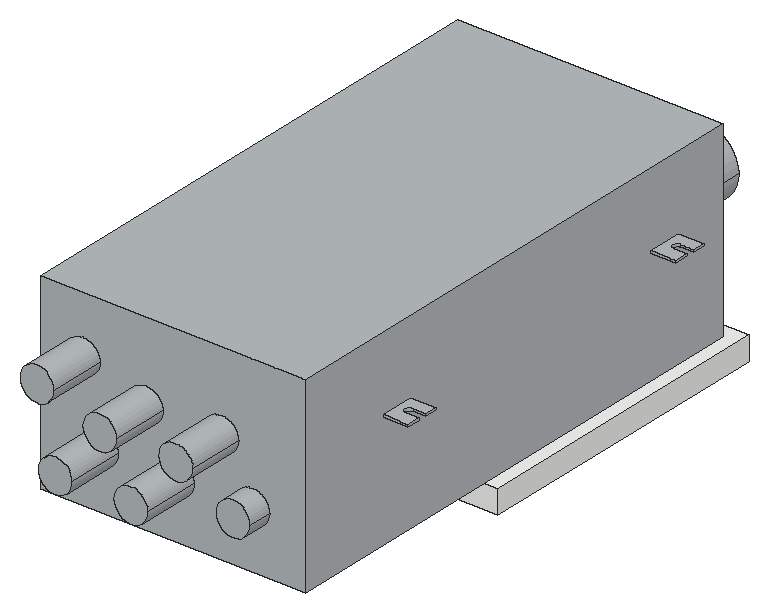
Revit family "vl-08_11zm(h)(v)2_60Hz", category 機械設備, Revit 2019
Family settings
  丸型コネクタ寸法 = 直径を使用
  パーツ タイプ = 標準
  OmniClass 番号 = 23.75.35.17.17.11
  OmniClass タイトル = Ceiling Fans
  作業面ベース = いいえ
  常に垂直 = はい
  ロード時にボイドで切り取り = いいえ
  共有 = いいえ
  部屋計算ポイント = はい
Parameters (values of type "VL-08ZF2")
  騒音レベル(dB(A)) [instance] = 25
  風量 [instance] = 設計風量  # 0.0 m³/h
  面風速 = 3.01 m/s
  電源種別 [instance] = ""
  電圧 = 100 V
  電動機出力 = 0 W
  電動機_種別 [instance] = ""
  集中コントローラ = ""
  運転質量 = 0.00 kg
  連動 [instance] = ""
  質量 = if(製品質量 > 運転質量, 製品質量, 運転質量) * 1.2  # 15.84 kg
  負荷分類 = 3_ファン類
  説明 = "ロスナイセントラル換気システム 天井カセット形"
  設計風量 [instance] = 0.0 m³/h
  設置方法 = "カセット形"
  記号 [instance] = ""
  製造元 = "三菱電機株式会社"
  製品質量 = 13.20 kg
  製品出荷対象 = "国内"
  製品リリース年月 = "2022/6/1"
  製品グループ = ""
  系統 [instance] = ""
  符号 [instance] = if(☑給気／□排気, "FS", "FE")  # "FE"
  積算_科目 = "1 空気調和設備"
  積算_拾い区分 [instance] = ""
  相 = 1
  盤記号 [instance] = ""
  発停方法 [instance] = ""
  特殊仕様 [instance] = ""
  火災停止 [instance] = ""
  温度交換効率 = 73.00%
  消費電力 = 39.5 W
  法定耐用年数 = "15"
  機外静圧_排気 = 13.0 Pa
  機外静圧 [instance] = 40.0 Pa
  極数 = 2
  材質 [instance] = ""
  操作・制御方式 = ""
  操作・制御スイッチ = ""
  排気量 [instance] = if(☑給気／□排気, 0.0 m³/h, 設計風量)  # 0.0 m³/h
  形式 = "カセット形"
  幹線記号 [instance] = ""
  対象室 [instance] = ""
  実風量 [instance] = 0.0 m³/h
  始動方式 [instance] = "直入"
  天吊金具ピッチ3 = 272 mm
  天吊金具ピッチ2 = 215 mm
  天吊金具ピッチ1 = 423 mm
  天吊金具_高さ = 168 mm
  天吊金具_径 = 13 mm
  天吊金具_幅 = 460 mm
  外気量 [instance] = if(☑給気／□排気, 設計風量, 0.0 m³/h)  # 0.0 m³/h
  呼称 = "全熱交換ユニット"
  周波数 = 60 Hz
  参照している仕様書等のバージョン = ""
  初期抵抗 = 0.0 Pa
  分類コード = "50052504100070"
  分類グループ = ""
  価格 = 92400
  企業コード = "108420"
  付属品_防振装置 = ""
  付属品_フィルター_還気 = ""
  付属品_フィルター = ""
  付属品 [instance] = ""
  仕様書バージョン = "Version1.0"
  モデル = "VL-08ZF2"
  マテリアル = 溶融亜鉛めっき鋼板
  ファンの種類 = ""
  ダクト径2 = 100 mm
  ダクト径 = 50 mm
  コメント [instance] = ""
  Keynote = ""
  カバーマテリアル = 合成樹脂(白)
  エンタルピ交換効率_暖房 = 58.00%
  エンタルピ交換効率_冷房 = 49.00%
  Assembly Code = ""
  ☑給気／□排気 [instance] = no
  Width = 385 mm
  W1 = 425 mm
  Version = ""
  Uniclass2015Version = "Systems v1.9"
  Uniclass2015Title = "Thermal wheels"
  Uniclass2015Code = "Pr_60_60_36_88"
  URL = "https://www.mitsubishielectric.co.jp/ldg/wink/ssl/displayProduct.do?pid=320815"
  SpecificationReference = ""
  SpecificationDescription = ""
  SAサイズ_D = 49 mm
  Revision = ""
  RAサイズ_D = 49 mm
  ProductInformation = ""
  OmniClassCode = "23-27 23 19 11"
  OAサイズ_D = 98 mm
  MIN風量 = 55.0 m³/h
  MIN静圧 = 17.0 Pa
  MID風量 = 0.0 m³/h
  MID静圧 = 0.0 Pa
  MAX風量 = 85.0 m³/h
  MAX静圧 = 40.0 Pa
  IfcTypeProduct = ""
  IfcProduct = ""
  IfcExportType = "ROTARYWHEEL"
  IfcExportAs = "IfcAirToAirHeatRecoveryType"
  Height = 277 mm
  H1 = 34 mm
  EAサイズ_D = 98 mm
  Duct_SA_W3 = 5 mm
  Duct_SA_W2 = 65 mm
  Duct_SA_W1 = 45 mm
  Duct_SA_H1 = 79 mm
  Duct_SA_H2 = 84 mm
  Duct_RA_W = 61 mm
  Duct_SA_W4 = 110 mm
  Duct_RA_H = 194 mm
  Duct_OA_W = 35 mm
  Duct_OA_H = 108 mm
  Duct_EA_W = 115 mm
  Duct_EA_H = 174 mm
  Duct_Depth3 = 35 mm
  Duct_Depth2 = 63 mm
  Duct_Depth1 = 83 mm
  Depth = 758 mm
  D2 = 172 mm
  D1 = 455 mm
  Author = "三菱電機株式会社"
Types (5, lengths in mm): name | 騒音レベル(dB(A)) | 面風速 | 質量 | 製品質量 | 温度交換効率 | 消費電力 | 機外静圧_排気 | 機外静圧 | 価格 | モデル | エンタルピ交換効率_暖房 | エンタルピ交換効率_冷房 | URL | MIN風量 | MIN静圧 | MID風量 | MID静圧 | MAX風量 | MAX静圧
  VL-11ZFHV2 | 30 | 3.89 m/s | 14.76 kg | 12.30 kg | 80.00% | 27 W | 22.0 Pa | 68.0 Pa | 169000 | "VL-11ZFHV2" | 72.00% | 72.00% | "https://www.mitsubishielectric.co.jp/ldg/wink/ssl/displayProduct.do?pid=320823" | 70.0 m³/h | 27.0 Pa | 88.0 m³/h | 43.0 Pa | 110.0 m³/h | 68.0 Pa
  VL-11ZFH2 | 30 | 3.71 m/s | 15.84 kg | 13.20 kg | 78.00% | 62 W | 20.0 Pa | 68.0 Pa | 137300 | "VL-11ZFH2" | 70.00% | 70.00% | "https://www.mitsubishielectric.co.jp/ldg/wink/ssl/displayProduct.do?pid=320822" | 60.0 m³/h | 20.0 Pa | 0.0 m³/h | 0.0 Pa | 105.0 m³/h | 68.0 Pa
  VL-11ZF2 | 29 | 3.89 m/s | 15.84 kg | 13.20 kg | 65.00% | 57 W | 22.0 Pa | 68.0 Pa | 129400 | "VL-11ZF2" | 52.00% | 42.00% | "https://www.mitsubishielectric.co.jp/ldg/wink/ssl/displayProduct.do?pid=320821" | 60.0 m³/h | 20.0 Pa | 0.0 m³/h | 0.0 Pa | 110.0 m³/h | 68.0 Pa
  VL-08ZFH2 | 27 | 3.01 m/s | 15.84 kg | 13.20 kg | 86.00% | 45 W | 13.0 Pa | 40.0 Pa | 103000 | "VL-08ZFH2" | 78.00% | 78.00% | "https://www.mitsubishielectric.co.jp/ldg/wink/ssl/displayProduct.do?pid=320816" | 55.0 m³/h | 17.0 Pa | 0.0 m³/h | 0.0 Pa | 85.0 m³/h | 40.0 Pa
  VL-08ZF2 | 25 | 3.01 m/s | 15.84 kg | 13.20 kg | 73.00% | 39.5 W | 13.0 Pa | 40.0 Pa | 92400 | "VL-08ZF2" | 58.00% | 49.00% | "https://www.mitsubishielectric.co.jp/ldg/wink/ssl/displayProduct.do?pid=320815" | 55.0 m³/h | 17.0 Pa | 0.0 m³/h | 0.0 Pa | 85.0 m³/h | 40.0 Pa
Reference planes
  plane 1 "中心(正面/背面)": y = 0
  plane 2: z = 0
  plane 3 "中心(左/右)": x = 0
  plane 4: z = 277
  plane 5: z = -34
  plane 6: z = 25
  plane 7: y = 172
  plane 8: y = 399.5
  plane 9: y = -55.5
  plane 10: x = -212.5
  plane 11: x = 212.5
  plane 12: x = -192.5
  plane 13: x = 192.5
  plane 14: y = 379
  plane 15: y = -379
  plane 16: z = 84
  plane 17: z = 163
  plane 18: z = 194
  plane 19: x = -131.5
  plane 20: x = -105
  plane 21: x = -40
  plane 22: x = 70
  plane 23: x = 5
  plane 24: x = 115
  plane 25: y = -462
  plane 26: x = 115
  plane 27: x = -35
  plane 28: z = 108
  plane 29: z = 174
  plane 30: y = 442
  plane 31: x = 230
  plane 32: x = -230
  plane 33: y = -414
  plane 34: x = -211.5
  plane 35: x = 211.5
  plane 36: y = 272
  plane 37: y = -215
  plane 38: z = 171
  plane 39: z = 168
Forms (mm)
  Extrusion 1, solid, material "溶融亜鉛めっき鋼板" <- "マテリアル", detail levels fine
    sketch origin (0, 0, 0) x (1, 0, 0) y (0, 1, 0)
      loop
        line (-192.5, -379) -> (192.5, -379) -> (192.5, 379) -> (-192.5, 379) -> (-192.5, -379)
    from 0 to 277
  Extrusion 2, solid, material "合成樹脂(白)" <- "カバーマテリアル", detail levels fine
    sketch origin (0, 0, 0) x (1, 0, 0) y (0, 1, 0)
      loop
        line (-212.5, -55.5) -> (212.5, -55.5) -> (212.5, 399.5) -> (-212.5, 399.5) -> (-212.5, -55.5)
    from -34 to 0
  Extrusion 3, solid, material "溶融亜鉛めっき鋼板" <- "マテリアル", detail levels fine
    sketch origin (0, 0, 0) x (1, 0, 0) y (0, 0, 1)
      loop
        circle (-131.5, 194) r 24.5
      loop
        circle (-105, 84) r 24.5
      loop
        circle (-40, 163) r 24.5
      loop
        circle (5, 84) r 24.5
      loop
        circle (70, 163) r 24.5
    from 379 to 462
  Extrusion 4, solid, material "溶融亜鉛めっき鋼板" <- "マテリアル", detail levels fine
    sketch origin (0, 0, 0) x (1, 0, 0) y (0, 0, 1)
      loop
        circle (115, 174) r 49
      loop
        circle (-35, 108) r 49
    from -442 to -379
  Extrusion 5, solid, material "溶融亜鉛めっき鋼板" <- "マテリアル", detail levels fine
    sketch origin (0, 0, 0) x (1, 0, 0) y (0, 0, 1)
      loop
        circle (115, 84) r 24.5
    from 379 to 414
  Extrusion 6, solid, material "溶融亜鉛めっき鋼板" <- "マテリアル", detail levels fine
    sketch origin (0, 0, 0) x (1, 0, 0) y (0, 1, 0)
      loop
        line (-230, 278.5) -> (-211.5, 278.5)
        arc (-211.5, 278.5) -> (-205, 272) -> (-211.5, 265.5) r 6.5
        line (-211.5, 265.5) -> (-230, 265.5) -> (-230, 246) -> (-192.5, 246) -> (-192.5, 296) -> (-230, 296) -> (-230, 278.5)
      loop
        line (230, 278.5) -> (230, 296) -> (192.5, 296) -> (192.5, 246) -> (230, 246) -> (230, 265.5) -> (211.5, 265.5)
        arc (211.5, 265.5) -> (205, 272) -> (211.5, 278.5) r 6.5
        line (211.5, 278.5) -> (230, 278.5)
      loop
        line (-230, -221.5) -> (-230, -241) -> (-192.5, -241) -> (-192.5, -191) -> (-230, -191) -> (-230, -208.5) -> (-211.5, -208.5)
        arc (-211.5, -208.5) -> (-205, -215) -> (-211.5, -221.5) r 6.5
        line (-211.5, -221.5) -> (-230, -221.5)
      loop
        line (230, -221.5) -> (211.5, -221.5)
        arc (211.5, -221.5) -> (205, -215) -> (211.5, -208.5) r 6.5
        line (211.5, -208.5) -> (230, -208.5) -> (230, -190) -> (192.5, -190) -> (192.5, -240) -> (230, -240) -> (230, -221.5)
    from 168 to 171
Lines and regions (mm)
  Masking region 1, detail levels coarse+medium
    outline origin (2764.839, 23, 0) x (1, 0, 0) y (0, 1, 0)
      loop
        line (-2957.339, 356) -> (-2957.339, -402) -> (-2572.339, -402) -> (-2572.339, 356) -> (-2957.339, 356)
  symbolic lines, detail levels coarse+medium
    curve 1: line (192.5, 0, 0) -> (0, 379, 0)
    curve 2: line (-192.5, 0, 0) -> (0, 379, 0)
    curve 3: line (192.5, 0, 0) -> (0, -379, 0)
    curve 4: line (-192.5, 0, 0) -> (0, -379, 0)
Dimensions and locks
  "H1": plane 2 to plane 5
  "D2": plane 7 to plane 1 "中心(正面/背面)"
  equal spacing: plane 8, plane 7, plane 9
  "D1": plane 8 to plane 9
  equal spacing: plane 10, plane 3 "中心(左/右)", plane 11
  "W1": plane 10 to plane 11
  equal spacing: plane 12, plane 3 "中心(左/右)", plane 13
  "Width": plane 12 to plane 13
  equal spacing: plane 14, plane 1 "中心(正面/背面)", plane 15
  "Depth": plane 14 to plane 15
  "Duct_RA_W": plane 19 to plane 12
  "Duct_SA_W4": plane 24 to plane 23 to plane 20
  "Duct_SA_H1": plane 17 to plane 16
  "Duct_EA_W": plane 3 "中心(左/右)" to plane 26
  "Duct_OA_W": plane 3 "中心(左/右)" to plane 27
  "Duct_Depth1": plane 15 to plane 25
  "Duct_Depth2": plane 30 to plane 14
  "Duct_Depth3": plane 15 to plane 33
  equal spacing: plane 32, plane 3 "中心(左/右)", plane 31
  "天吊金具_幅": plane 32 to plane 31
  equal spacing: plane 34, plane 3 "中心(左/右)", plane 35
  "天吊金具ピッチ1": plane 34 to plane 35
  Extrusion 6 sketch curve to Extrusion 6 sketch curve = 50 mm  (x4)
  locked: plane 38 to plane 39 at 3
  "Height": plane 4 to plane 2
  "Duct_RA_H": plane 18 to plane 2
  "Duct_SA_H2": plane 16 to plane 2
  "Duct_OA_H": plane 28 to plane 2
  "Duct_EA_H": plane 29 to plane 2
  "Duct_SA_W1": plane 23 to plane 21
  "Duct_SA_W2": plane 22 to plane 23
  "Duct_SA_W3": plane 23 to plane 3 "中心(左/右)"
  "天吊金具ピッチ3": plane 36 to plane 1 "中心(正面/背面)"
  "天吊金具ピッチ2": plane 37 to plane 1 "中心(正面/背面)"
  "天吊金具_高さ": plane 39 to plane 2
  "RAサイズ_D": diameter of Extrusion 3 sketch curve
  "SAサイズ_D": diameter of Extrusion 3 sketch curve  (x4)
  "EAサイズ_D": diameter of Extrusion 4 sketch curve
  "OAサイズ_D": diameter of Extrusion 4 sketch curve
  "SAサイズ_D": diameter of Extrusion 5 sketch curve
  "天吊金具_径": diameter of Extrusion 6 sketch curve  (x4)
  aligned and locked: level to plane 2
  aligned and locked: Extrusion 1 sketch curve to plane 13
  aligned and locked: plane 14 to Extrusion 1 sketch curve
  aligned and locked: Extrusion 1 sketch curve to plane 12
  aligned and locked: plane 15 to Extrusion 1 sketch curve
  aligned and locked: plane 9 to Extrusion 2 sketch curve
  aligned and locked: Extrusion 2 sketch curve to plane 10
  aligned and locked: plane 8 to Extrusion 2 sketch curve
  aligned and locked: Extrusion 2 sketch curve to plane 11
  aligned and locked: Extrusion 2 to plane 5
  aligned and locked: plane 2 to Extrusion 2
  aligned and locked: plane 4 to Extrusion 1
  aligned and locked: Extrusion 3 to plane 25
  aligned and locked: Extrusion 3 to plane 15
  aligned and locked: plane 30 to Extrusion 4
  aligned and locked: Extrusion 4 to plane 14
  aligned and locked: Extrusion 5 to plane 33
  aligned and locked: Extrusion 5 to plane 15
  aligned and locked: plane 12 to Extrusion 6 sketch curve
  aligned and locked: plane 32 to Extrusion 6 sketch curve  (x2)
  aligned and locked: Extrusion 6 sketch curve to plane 13
  aligned and locked: Extrusion 6 sketch curve to plane 31  (x2)
  aligned and locked: Extrusion 6 sketch curve to plane 32  (x2)
  aligned and locked: Extrusion 6 sketch curve to plane 12
  aligned and locked: plane 13 to Extrusion 6 sketch curve
  aligned and locked: plane 31 to Extrusion 6 sketch curve  (x2)
  aligned and locked: plane 38 to Extrusion 6
  aligned and locked: Extrusion 6 to plane 39
  aligned and locked: nested 1 to plane 37
  aligned and locked: nested 1 to plane 36
  aligned and locked: plane 34 to nested 1
  aligned and locked: nested 1 to plane 35
  aligned and locked: Extrusion 1 to plane 2
  aligned and locked: Masking region 1 to plane 12
  aligned and locked: plane 14 to Masking region 1
  aligned and locked: plane 15 to Masking region 1
  aligned and locked: Masking region 1 to plane 13
  aligned and locked: Masking region 1 to curve 1
  aligned and locked: plane 3 "中心(左/右)" to curve 2
  aligned and locked: plane 1 "中心(正面/背面)" to curve 2
  aligned and locked: plane 12 to curve 4
  aligned and locked: plane 15 to curve 3
  aligned and locked: plane 13 to curve 3
Automatic sketch dimensions
  plane 27 to Extrusion 4 sketch curve = 0 mm
  plane 26 to Extrusion 4 sketch curve = 0 mm
  Extrusion 4 sketch curve to plane 28 = 0 mm
  Extrusion 4 sketch curve to plane 29 = 0 mm
  Extrusion 3 sketch curve to plane 18 = 0 mm
  Extrusion 3 sketch curve to plane 19 = 0 mm
  Extrusion 3 sketch curve to plane 16 = 0 mm  (x2)
  Extrusion 3 sketch curve to plane 20 = 0 mm
  Extrusion 3 sketch curve to plane 17 = 0 mm  (x2)
  Extrusion 3 sketch curve to plane 21 = 0 mm
  Extrusion 3 sketch curve to plane 23 = 0 mm
  Extrusion 3 sketch curve to plane 22 = 0 mm
  Extrusion 5 sketch curve to plane 16 = 0 mm
  Extrusion 5 sketch curve to plane 24 = 0 mm
  Masking region 1 sketch curve to plane 12 = 0 mm
  Masking region 1 sketch curve to plane 13 = 0 mm
  plane 15 to Masking region 1 sketch curve = 0 mm
  Masking region 1 sketch curve to plane 14 = 0 mm
  curve 3 to plane 3 "中心(左/右)" = 0 mm
  plane 1 "中心(正面/背面)" to curve 3 = 0 mm
  Extrusion 6 sketch curve to plane 34 = 0 mm  (x2)
  Extrusion 6 sketch curve to plane 35 = 0 mm  (x2)
  plane 37 to Extrusion 6 sketch curve = 0 mm  (x2)
  Extrusion 6 sketch curve to plane 36 = 0 mm  (x2)
  Extrusion 6 sketch curve to Extrusion 6 sketch curve = 19.5 mm  (x3)
  plane 37 to Extrusion 6 sketch curve = 25 mm
Nested families
  nested 1: "固定点" at (-211.5, -215, 0), type "固定点"
    with W 423 mm, D 487 mm
Connectors
  hvac at (-131.5, -462, 194), driven by "ダクト径", driven by "機外静圧", driven by "風量"
    settings: on Extrusion 3, index 1, duct flow 0.0 m³/h, flow factor 0, pres drop 40.0 Pa, loss coef 0, conn angle 0.00°, conn width 304.8 mm, conn height 304.8 mm, conn diameter 50 mm, duct sys type 2, conn prof type 0, flow config 0, flow direction 1, loss method 4, conn ref index -1, conn util no, is conn primary yes, conn desc ""
  hvac at (-40, -462, 163), driven by "ダクト径", driven by "機外静圧", driven by "風量"
    settings: on Extrusion 3, index 2, duct flow 0.0 m³/h, flow factor 0, pres drop 40.0 Pa, loss coef 0, conn angle 0.00°, conn width 304.8 mm, conn height 304.8 mm, conn diameter 50 mm, duct sys type 1, conn prof type 0, flow config 0, flow direction 2, loss method 4, conn ref index -1, conn util no, is conn primary no, conn desc ""
  hvac at (70, -462, 163), driven by "ダクト径", driven by "機外静圧", driven by "風量"
    settings: on Extrusion 3, index 3, duct flow 0.0 m³/h, flow factor 0, pres drop 40.0 Pa, loss coef 0, conn angle 0.00°, conn width 304.8 mm, conn height 304.8 mm, conn diameter 50 mm, duct sys type 1, conn prof type 0, flow config 0, flow direction 2, loss method 4, conn ref index -1, conn util no, is conn primary no, conn desc ""
  hvac at (-131.5, -462, 194), driven by "ダクト径", driven by "機外静圧", driven by "風量"
    settings: on Extrusion 3, index 4, duct flow 0.0 m³/h, flow factor 0, pres drop 40.0 Pa, loss coef 0, conn angle 0.00°, conn width 304.8 mm, conn height 304.8 mm, conn diameter 50 mm, duct sys type 2, conn prof type 0, flow config 0, flow direction 1, loss method 4, conn ref index -1, conn util no, is conn primary no, conn desc ""
  hvac at (5, -462, 84), driven by "ダクト径", driven by "機外静圧", driven by "風量"
    settings: on Extrusion 3, index 5, duct flow 0.0 m³/h, flow factor 0, pres drop 40.0 Pa, loss coef 0, conn angle 0.00°, conn width 304.8 mm, conn height 304.8 mm, conn diameter 50 mm, duct sys type 1, conn prof type 0, flow config 0, flow direction 2, loss method 4, conn ref index -1, conn util no, is conn primary no, conn desc ""
  hvac at (-105, -462, 84), driven by "ダクト径", driven by "機外静圧", driven by "風量"
    settings: on Extrusion 3, index 6, duct flow 0.0 m³/h, flow factor 0, pres drop 40.0 Pa, loss coef 0, conn angle 0.00°, conn width 304.8 mm, conn height 304.8 mm, conn diameter 50 mm, duct sys type 1, conn prof type 0, flow config 0, flow direction 2, loss method 4, conn ref index -1, conn util no, is conn primary no, conn desc ""
  hvac at (115, 442, 174), driven by "機外静圧", driven by "排気量", driven by "ダクト径2"
    settings: on Extrusion 4, index 7, duct flow 0.0 m³/h, flow factor 0, pres drop 40.0 Pa, loss coef 0, conn angle 0.00°, conn width 304.8 mm, conn height 304.8 mm, conn diameter 100 mm, duct sys type 3, conn prof type 0, flow config 0, flow direction 2, loss method 4, conn ref index -1, conn util no, is conn primary no, conn desc ""
  hvac at (-35, 442, 108), driven by "ダクト径2", driven by "機外静圧", driven by "外気量"
    settings: on Extrusion 4, index 8, duct flow 0.0 m³/h, flow factor 0, pres drop 40.0 Pa, loss coef 0, conn angle 0.00°, conn width 304.8 mm, conn height 304.8 mm, conn diameter 100 mm, duct sys type 4, conn prof type 0, flow config 0, flow direction 1, loss method 4, conn ref index -1, conn util no, is conn primary no, conn desc ""
  hvac at (115, -414, 84), driven by "ダクト径", driven by "機外静圧", driven by "風量"
    settings: on Extrusion 5, index 9, duct flow 0.0 m³/h, flow factor 0, pres drop 40.0 Pa, loss coef 0, conn angle 0.00°, conn width 304.8 mm, conn height 304.8 mm, conn diameter 50 mm, duct sys type 1, conn prof type 0, flow config 0, flow direction 2, loss method 4, conn ref index -1, conn util no, is conn primary no, conn desc ""
Definition of nested family "固定点"
  Parameters (values of type "固定点")
    中心円 = 20 mm
    W [instance] = 1000 mm
    D [instance] = 1000 mm
  Reference planes
    plane 1 "中心(正面/背面)": y = 0
    plane 2: z = 0
    plane 3 "中心(左/右)": x = 0
    plane 4: x = 1000
    plane 5: y = 1000
  Lines and regions (mm)
    symbolic lines, detail levels fine
      curve 1: circle (0, 1000, 0) r 10 normal (0, 0, 1)
      curve 2: circle (0, 0, 0) r 10 normal (0, 0, 1)
      curve 3: circle (1000, 1000, 0) r 10 normal (0, 0, 1)
      curve 4: circle (1000, 0, 0) r 10 normal (0, 0, 1)
      curve 5: line (-200, 1000, 0) -> (1200, 1000, 0)
      curve 6: line (-200, 0, 0) -> (1200, 0, 0)
      curve 7: line (0, 1200, 0) -> (0, -200, 0)
      curve 8: line (1000, 1200, 0) -> (1000, -200, 0)
  Dimensions and locks
    "W": plane 3 "中心(左/右)" to plane 4
    "D": plane 1 "中心(正面/背面)" to plane 5
    "中心円": diameter of curve 1
    "中心円": diameter of curve 2
    "中心円": diameter of curve 3
    "中心円": diameter of curve 4
    aligned and locked: level to plane 2
    aligned and locked: plane 5 to curve 1
    aligned and locked: plane 3 "中心(左/右)" to curve 1
    aligned and locked: plane 3 "中心(左/右)" to curve 2
    aligned and locked: plane 1 "中心(正面/背面)" to curve 2
    aligned and locked: plane 4 to curve 3
    aligned and locked: plane 5 to curve 3
    aligned and locked: plane 1 "中心(正面/背面)" to curve 4
    aligned and locked: plane 4 to curve 4
    aligned and locked: plane 1 "中心(正面/背面)" to curve 6
    aligned and locked: curve 7 to plane 3 "中心(左/右)"
    aligned and locked: curve 8 to plane 4
  Automatic sketch dimensions
    curve 5 to plane 5 = 0 mm
    curve 6 to plane 3 "中心(左/右)" = 200 mm
    curve 5 to plane 3 "中心(左/右)" = 200 mm
    curve 4 to curve 6 = 200 mm
    curve 3 to curve 5 = 200 mm
    plane 1 "中心(正面/背面)" to curve 8 = 200 mm
    plane 1 "中心(正面/背面)" to curve 7 = 200 mm
    curve 3 to curve 8 = 200 mm
    curve 1 to curve 7 = 200 mm
